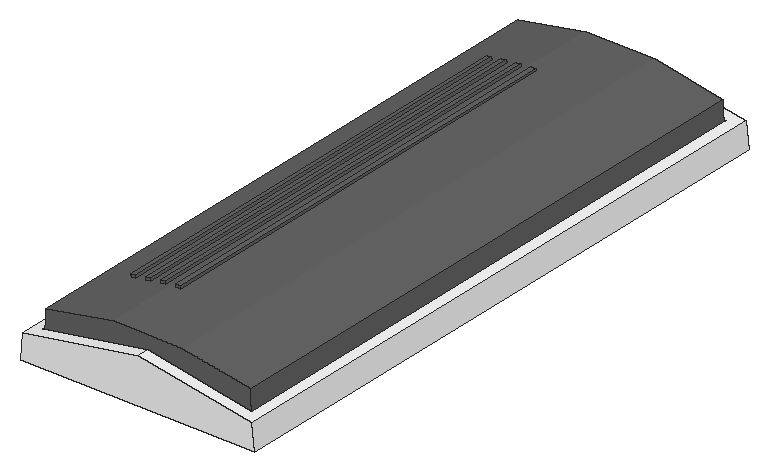
Revit family "JC KONTAKTER JCK209 DE", category Specialty Equipment, host Face, Revit 2025
Family settings
  Host = Face
  Round Connector Dimension = Use Diameter
  Part Type = Normal
  Enable Cutting in Views = Yes
  Cut with Voids When Loaded = No
  Maintain Annotation Orientation = Yes
  Shared = No
  Room Calculation Point = No
Parameters (values of type "JCK209")
  URL = "https://grossflaechentaster.de/produkt/grossflachentaster-kunststoff/grossflachentaster-jck209/"
  Technisches Produktblatt = "https://grossflaechentaster.de/wp-content/uploads/sites/3/Technisches-Produktdatenblatt-_209_DE.pdf"
  Produktgewicht = "0.230 kg."
  Nomineller nennstrom = "12 V - Resistive 6A Inductive L/R 5ms 6A, 24 V - Resistive 6A Inductive L/R 5ms 5A"
  Model = "JCK209"
  Mikroschalter = "Standard NO IP67"
  Manufacturer = "JC kontakter"
  Kern = ABS 750SW (weiss)
  Herstellungsland = "Schweden"
  Geringster nennstrom = "1mA/4 V DC"
  Description = "Dieser Großflächentaster ist aus schlagfestem ABS-Kunststoff hergestellt. Er hat eine konvexe Tastfläche mit Tastlinien, die angeben, wo der Taster gedrückt werden soll. Dieses Modell bietet eine schwarze Tastfläche und einen weißen Rahmen. Vor allem für den Einsatz in Innenbereichen konzipiert, kann aber auch im Freien eingesetzt werden, da er mit einem feuchtigkeitsgeschützten Mikroschalter der IP-Klasse 67 ausgerüstet ist."
  Default Elevation = 800 mm
  Deckel = ABS 750SW (schwarz)
  CE-kennzeichnung = "https://jckontakter.se/wp-content/uploads/CE_Dokument.pdf"
  Anzahl der mikroschalter = 1
Reference planes
  plane 1 "Center (Front/Back)": y = 0
  plane 2: z = 0
  plane 3 "Center (Left/Right)": x = 0
  plane 4 "A": y = -122.5
Lines and regions (mm)
  symbolic lines
    curve 1: line (-50, 0, 50) -> (50, 0, 50)
    curve 2: line (-50, 0, 0) -> (-50, 0, 50)
    curve 3: line (50, 0, 0) -> (-50, 0, 0)
    curve 4: line (50, 0, 50) -> (50, 0, 0)
    curve 5: line (-40, 122.5, 0) -> (40, 122.5, 0)
    curve 6: line (-40, -122.5, 0) -> (-40, 122.5, 0)
    curve 7: line (40, -122.5, 0) -> (-40, -122.5, 0)
    curve 8: line (40, 122.5, 0) -> (40, -122.5, 0)
Text (mm)
  text "Entfernen Sie diesen Text vor der Verwendung.\n\nPlatzierungsanweisungen:\n\n1. In das Projekt laden.\n2. Bewegen Sie den Mauszeiger über die Fläche, auf der die Familie platziert werden soll.\n3. Wenn die Familie gedreht angezeigt wird, aktivieren Sie die Option „Nach Platzierung drehen.\n4. Klicken Sie auf die gewünschte Fläche.\n5. Geben Sie den gewünschten Winkel ein.\n6. Drücken Sie die Eingabetaste." at (123.173, 1072.34, 0), in view "Ref. Level"
Dimensions and locks
  aligned and locked: plane 2 to host face
  aligned and locked: level to host face
Nested families
  nested 1: "AK_209" at (0, -122.5, 0) x (1, 0, 0) z (0, 1, 0), type "AK_209"
Definition of nested family "AK_209"
  Parameters (values of type "AK_209")
    URL = "https://jckontakter.se/produkt/armbagskontakter-plast/armbagskontakt-jck209/"
    Model = "JCK209"  # constant formula
    Manufacturer = "JC Kontakter"  # constant formula
    Lid Finish = none
    Default Elevation = 1219.2 mm
    Core Finish = none
    Description = "JCK209 är en tålig armbågskontakt med konvex tryckplatta och taktila rillor. Rillorna underlättar för synsvaga att veta var de ska trycka för att aktivera armbågskontakten.\r\nModellen har svart lock för maximal kontrastering mot den ljusgrå botten.\r\nJCK209 levereras med 1st mikrobrytare i IP67, men går även att beställa med fler."  # constant formula
  Reference planes
    plane 1 "Center (Front/Back)": y = 0
    plane 2: z = 0
    plane 3 "Center (Left/Right)": x = 0
    plane 4 "1": x = 47.5
    plane 5 "A": z = 5
    plane 6 "B": z = 245
  Forms (mm)
    Extrusion 1, solid, material <- "Core Finish"
      sketch origin (0, 0, 0) x (1, 0, 0) y (0, 1, 0)
        loop
          line (-47.5, 0) -> (-46.5, -10) -> (0, -18) -> (46.5, -10) -> (47.5, 0) -> (-47.5, 0)
      from 0 to 250
    Extrusion 2, void
      sketch origin (0, 0, 0) x (1, 0, 0) y (0, 1, 0)
        loop
          line (-42.5, -4) -> (-42.5, -18.223) -> (42.5, -18.223) -> (42.5, -4) -> (-42.5, -4)
      from 5 to 245
    Extrusion 3, solid, material <- "Lid Finish"
      sketch origin (0, 0, 5) x (-1, 0, 0) y (0, -1, 0)
        loop
          line (-42, 6) -> (42, 6) -> (41.5, 18.145)
          arc (41.5, 18.145) -> (0, 24) -> (-41.5, 18.145) r 150
          line (-41.5, 18.145) -> (-42, 6)
      from 0.5 to 239.5
    Extrusion 4, solid, material <- "Lid Finish"
      sketch origin (0, 0, 5) x (-1, 0, 0) y (0, -1, 0)
        loop
          line (30.48, 20.761) -> (30.656, 21.746) -> (28.687, 22.097) -> (28.511, 21.112) -> (30.48, 20.761)
        loop
          line (24.5, 21.866) -> (24.634, 22.857) -> (22.652, 23.126) -> (22.518, 22.135) -> (24.5, 21.866)
        loop
          line (18.504, 22.704) -> (18.644, 23.694) -> (16.664, 23.975) -> (16.524, 22.985) -> (18.504, 22.704)
        loop
          line (12.5, 23.393) -> (12.5, 24.393) -> (10.5, 24.393) -> (10.5, 23.393) -> (12.5, 23.393)
      from 30 to 210
  Cuts and joins
    Extrusion 2 cuts Extrusion 1
  Dimensions and locks
    aligned and locked: level to plane 2
